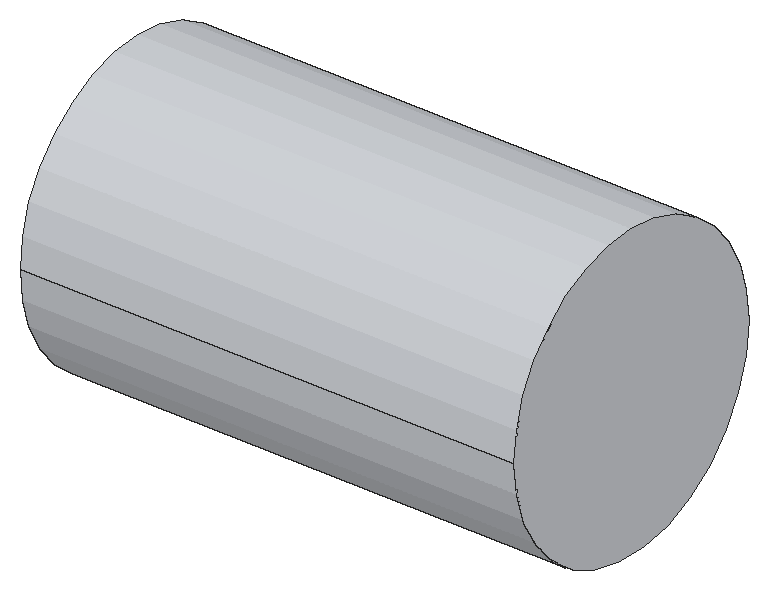
Revit family "9668a335d95c41f1b832ad180ea6e1aa", category Pipe Fittings, Revit 2021
Family settings
  Round Connector Dimension = Use Radius
  Part Type = Union
  OmniClass Number = 23.60.30.11.14
  OmniClass Title = Pipework Fittings
  Seek Item ID = Coupling without Bands - Threaded - MI - Class 300-0000-USA-ENU
  Work Plane-Based = No
  Always vertical = Yes
  Cut with Voids When Loaded = No
  Shared = No
Parameters (values of type "Standard")
  Tick Size [instance] = Coupling Outside Diameter * 0.4  # 0.32756"
  Loss Method = K Coefficient from Table
  Lookup Table Name = "Coupling without Bands - Threaded - MI - Class 300"
  Length [instance] = size_lookup(Lookup Table Name, "Lgt", 1.02 * Nominal Diameter + 1 81/256", Nominal Diameter)  # 1.38189"
  Nominal Radius [instance] = 1/8"
  Nominal Diameter [instance] = Nominal Radius * 2  # 1/4"
  K Coefficient Table = "Reducer/Coupling/Union/Increaser"
  Default Elevation = 0' - 0"
  Coupling Outside Radius [instance] = Coupling Outside Diameter / 2  # 0.40945"
  Coupling Outside Diameter [instance] = size_lookup(Lookup Table Name, "COD", 1.18 * Nominal Diameter + 65/128", Nominal Diameter)  # 0.8189"
Reference planes (in)
  plane 1 "Center (Front/Back)": y = 0
  plane 2: z = 0
  plane 3 "Center (Left/Right)": x = 0
  plane 4: x = -0.69094
  plane 5: x = 0.69094
Forms (in)
  Extrusion 1, solid, detail levels fine
    sketch origin (0, 0, 0) x (0, 1, 0) y (0, 0, 1)
      loop
        circle (0, 0) r 0.40945
    from -0.69094 to 0.69094
Lines and regions (in)
  model lines, detail levels coarse+medium
    curve 1: line (0.69094, 0, 0) -> (-0.69094, 0, 0)
    curve 2: line (-0.69094, 0.32756, 0) -> (-0.69094, -0.32756, 0)
    curve 3: line (0.69094, 0.32756, 0) -> (0.69094, -0.32756, 0)
Dimensions and locks (in)
  equal spacing: plane 4, plane 3 "Center (Left/Right)", plane 5
  "Length": plane 4 to plane 5
  equal spacing: curve 2, plane 1 "Center (Front/Back)", curve 2
  equal spacing: curve 3, plane 1 "Center (Front/Back)", curve 3
  "Tick Size": plane 1 "Center (Front/Back)" to curve 2
  "Tick Size": plane 1 "Center (Front/Back)" to curve 3
  "Coupling Outside Radius": radius of Extrusion 1 sketch curve
  aligned and locked: level to Extrusion 1 sketch curve
  aligned and locked: plane 1 "Center (Front/Back)" to Extrusion 1 sketch curve
  aligned and locked: Extrusion 1 to plane 4
  aligned and locked: plane 5 to Extrusion 1
  aligned and locked: plane 1 "Center (Front/Back)" to curve 1
  aligned and locked: plane 5 to curve 1
  aligned and locked: plane 4 to curve 1
  aligned and locked: curve 2 to plane 4
  aligned and locked: curve 3 to plane 5
Connectors (in)
  piping at (-0.69094, 0, 0), diameter 0.25, driven by "Nominal Radius"
    settings: on Extrusion 1, index 1, connector inside diameter 1/4", connector length 0' - 0", flow factor 0, pipe flow 0 GPM, pressure drop 0.00 psi, fitting loss kfactor 0, connector angle 0.00°, fixture units 0, engagement length 0' - 0", angle of deflection 0.00°, flow configuration 0, flow direction 0, fitting loss method 0, system type 28, joint type 0, gender type 0, connector reference index 2, connector utility 0, adjustable connector no, is connector primary yes, connector description ""
  piping at (0.69094, 0, 0), diameter 0.25, driven by "Nominal Radius"
    settings: on Extrusion 1, index 2, connector inside diameter 1/4", connector length 0' - 0", flow factor 0, pipe flow 0 GPM, pressure drop 0.00 psi, fitting loss kfactor 0, connector angle 0.00°, fixture units 0, engagement length 0' - 0", angle of deflection 0.00°, flow configuration 0, flow direction 0, fitting loss method 0, system type 28, joint type 0, gender type 0, connector reference index 1, connector utility 0, adjustable connector no, is connector primary no, connector description ""
